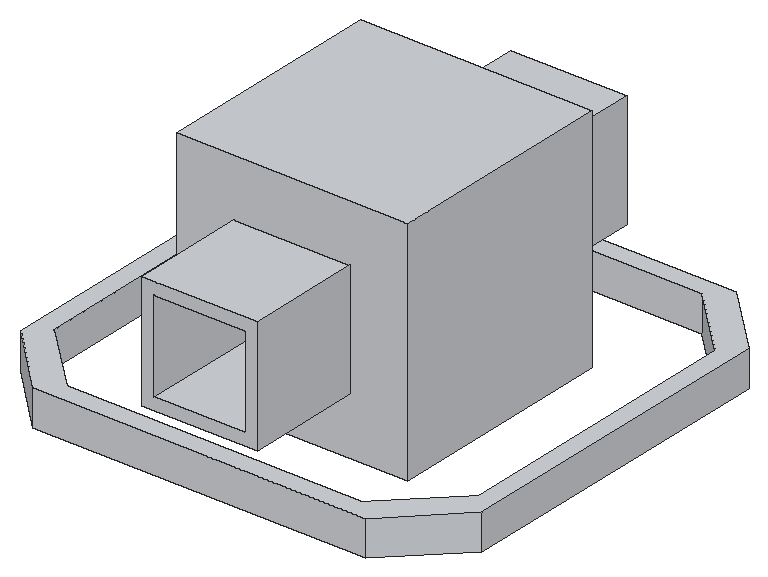
Revit family "CONSTRUCTOR", category Generic Models, Revit 2025
Family settings
  Can host rebar = No
  Round Connector Dimension = Use Diameter
  Part Type = Normal
  Work Plane-Based = No
  Always vertical = Yes
  Cut with Voids When Loaded = No
  Maintain Annotation Orientation = No
  Shared = No
  Room Calculation Point = No
Parameters
  Default Elevation = 0' - 0"
Reference planes (in)
  plane 1 "Center (Front/Back)": y = 0
  plane 2: z = 0
  plane 3 "Center (Left/Right)": x = 0
Forms (in)
  Extrusion 1, solid
    sketch origin (18.74016, 0, 0) x (1, 0, 0) y (0, 1, 0)
      loop
        line (-75.48031, 78.74016) -> (-97.48031, 56.74016) -> (-97.48031, -56.74016) -> (-75.48031, -78.74016) -> (38, -78.74016) -> (60, -56.74016) -> (60, 56.74016) -> (38, 78.74016) -> (-75.48031, 78.74016)
      loop
        line (-69.11635, 72.3762) -> (-91.11635, 50.3762) -> (-91.11635, -50.3762) -> (-69.11635, -72.3762) -> (31.63604, -72.3762) -> (53.63604, -50.3762) -> (53.63604, 50.3762) -> (31.63604, 72.3762) -> (-69.11635, 72.3762)
    from 0 to 12
  Extrusion 2, solid
    sketch origin (0, 0, 0) x (1, 0, 0) y (0, 1, 0)
      loop
        line (-39.37008, 39.37008) -> (-39.37008, -39.37008) -> (39.37008, -39.37008) -> (39.37008, 39.37008) -> (-39.37008, 39.37008)
    from 0 to 78.73828
  Extrusion 3, solid
    sketch origin (0, 0, 0) x (1, 0, 0) y (0, 0, 1)
      loop
        line (-19.68359, 59.05469) -> (-19.68359, 19.68359) -> (19.68359, 19.68359) -> (19.68359, 59.05469) -> (-19.68359, 59.05469)
      loop
        line (-15.68359, 55.05469) -> (-15.68359, 23.68359) -> (15.68359, 23.68359) -> (15.68359, 55.05469) -> (-15.68359, 55.05469)
    from 39.37008 to 78.73828
  Extrusion 4, solid
    sketch origin (0, 0, 0) x (1, 0, 0) y (0, 0, -1)
      loop
        line (-19.68359, -59.05469) -> (19.68359, -59.05469) -> (19.68359, -19.68359) -> (-19.68359, -19.68359) -> (-19.68359, -59.05469)
      loop
        line (-15.68359, -55.05469) -> (15.68359, -55.05469) -> (15.68359, -23.68359) -> (-15.68359, -23.68359) -> (-15.68359, -55.05469)
    from 39.37008 to 78.73828
Dimensions and locks (in)
  Extrusion 2 to Extrusion 1 = 6' - 6 189/256"
  Extrusion 3 sketch curve to Extrusion 1 = 1' - 7 175/256"
  Extrusion 3 sketch curve to Extrusion 1 = 4' - 11 7/128"
  plane 3 "Center (Left/Right)" to Extrusion 3 sketch curve = 1' - 7 175/256"  (x2)
  aligned and locked: plane 2 to level
